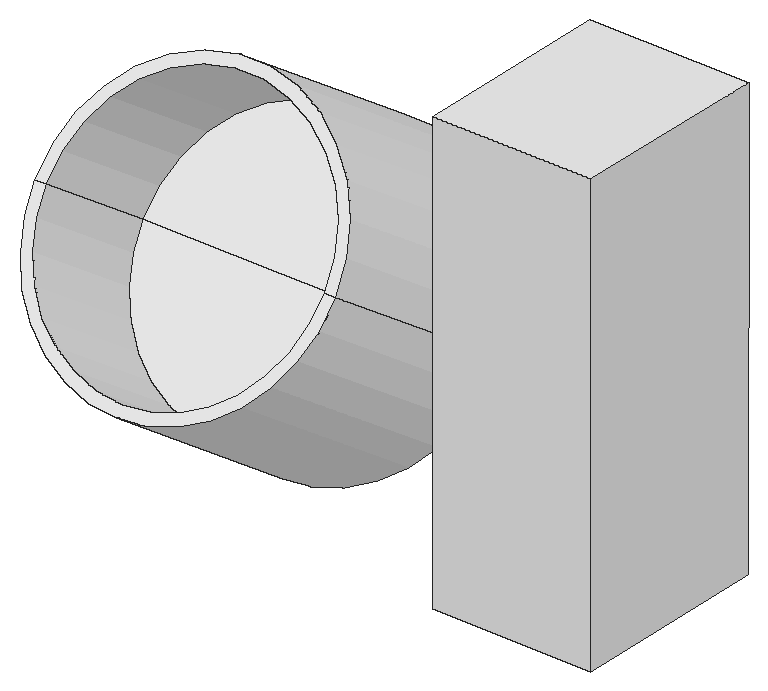
Revit family "Lighting-Accent-Amerlux-Cylindrix III Mini", category Lighting Fixtures, host Face, Revit 2014
Parameters
  Voltage = 0 V
  Rotation Angle [instance] = 35.00°
  Power Factor = 1
  Photometric Web File = ""
  Number of Poles = 1
  Material = Silver Finish
  Light Source Angle [instance] = Rotation Angle  # 35.00°
  Lamp = "LED"
  Input Wattage = ""
  Wattage = 26 W
  built-in parameter 1150110 = 1 (stored number, unit not read)
  URL = "http://www.amerlux.com"
  built-in parameter 1114217 = 1 (stored number, unit not read)
  Tilt Angle = 90.00°
  built-in parameter 1150109 = 1 (stored number, unit not read)
  built-in parameter 1150134 = 12
  built-in parameter 1150113 = 1 (stored number, unit not read)
  Model = "Cylindrix III Mini"
  Manufacturer = "Amerlux"
  built-in parameter 1150105 = 206.9 (stored number, unit not read)
  Lumens = 2600 lm
  built-in parameter 1150115 = 1 (stored number, unit not read)
  built-in parameter 1150137 = (empty or 0)
  built-in parameter 1150139 = (empty or 0)
  built-in parameter 1150112 = 1 (stored number, unit not read)
  built-in parameter 1150114 = 1 (stored number, unit not read)
  Keynote = ""
  built-in parameter 1150132 = (empty or 0)
  built-in parameter 1150102 = (empty or 0)
  built-in parameter 1150107 = 4000 (stored number, unit not read)
  built-in parameter 1150138 = (empty or 0)
  built-in parameter 1150106 = 2.069 (stored number, unit not read)
  Finish = ""
  Emit from Circle Diameter = 3 1/4"
  Emit Shape Visible in Rendering = yes
  built-in parameter 1150104 = 9.2903 (stored number, unit not read)
  Dimming Lamp Color Temperature Shift = (empty or 0)
  Description = "Track Lighting"
  Default Elevation = 48"
  Color Filter = 16777215
  built-in parameter 1114218 = 1 (stored number, unit not read)
  built-in parameter 1150133 = 10 (stored number, unit not read)
  Assembly Code = ""
  Apparent Load = 0 VA
Reference planes (in)
  plane 1 "Center (Front/Back)": y = 2.00423
  plane 2: z = 0
  plane 3 "Center (Left/Right)": x = 2.916
  plane 4: z = 5.5625
  plane 5: y = 3.00423
  plane 6: y = 1.00423
  plane 7: through (0, 3.00979, 3.84794) normal (0, 0.5736, 0.8192)
  plane 8: through (0, -1.77321, 2.57435) normal (0, -0.5736, -0.8192)
Forms (in)
  Extrusion 1, solid, material "Silver Finish"
    sketch origin (0, 2.00423, 0) x (-1, 0, 0) y (0, 0, 1)
      loop
        line (-2.916, 5.5625) -> (-4.916, 5.5625) -> (-4.916, 0) -> (-2.916, 0) -> (-2.916, 5.5625)
    from -1.253 to 1.22125
Dimensions and locks (in)
  equal spacing: plane 5, plane 1 "Center (Front/Back)", plane 6
  locked: Extrusion 1 sketch curve to Extrusion 1 sketch curve at 2
  locked: Extrusion 1 sketch curve to Extrusion 1 sketch curve at 5.5625
  Extrusion 1 to Extrusion 1 = 2"
  "Rotation Angle": angle level to nested 1
  "Light Source Angle": angle level to imposter light
  aligned and locked: plane 2 to host face
  aligned and locked: level to host face
  aligned: imposter light to plane 1 "Center (Front/Back)"
  aligned and locked: plane 4 to Extrusion 1 sketch curve
Automatic sketch dimensions
  host sketch curve to host sketch curve = 12.00498"
  host sketch curve to host sketch curve = 12.39607"
  plane 3 "Center (Left/Right)" to Extrusion 1 sketch curve = 0"
Nested families (in)
  nested 1: "Track Head" at (1.77159, 0.82308, 3.06775) x (0, -0.5736, -0.8192) z (-1, 0, 0), type "Track Head"
Connectors (in)
  electrical at (3.916, 1.98836, 0), driven by "Number of Poles", driven by "Voltage", driven by "Apparent Load", driven by "Power Factor"
    settings: on Extrusion 1, index 1, voltage 0 V, apparent load 0 VA, apparent load phase1 0 VA, apparent load phase2 0 VA, apparent load phase3 0 VA, power factor 1, load classification "Other", number of poles 1, system type 31, power factor state 1, is connector primary yes, connector utility no, sub classification motor no, connector description "Power"
Definition of nested family "Track Head"
  Parameters (values of type "Track Head")
    Width = 3 11/16"
    Material = Silver Finish
    Default Elevation = 48"
    Assembly Code = ""
  Reference planes (in)
    plane 1 "Center (Front/Back)": y = 0
    plane 2: z = 0
    plane 3 "Center (Left/Right)": x = 0
    plane 4: z = 0.81682
    plane 5: z = 0.81682
    plane 6: y = 1.84375
    plane 7: y = -1.84375
    plane 8: z = 3.25
  Forms (in)
    Extrusion 1, solid
      sketch origin (0, 0, 0) x (1, 0, 0) y (0, 1, 0)
        loop
          line (-48, 48) -> (-48, -48) -> (48, -48) -> (48, 48) -> (-48, 48)
      from 0 to -0.80444
    Revolve 2, solid, material "Silver Finish" <- "Material"
      sketch origin (0, 0, -1.8125) x (0, 1, 0) y (0, 0, 1)
        loop
          line (-1.34375, 4.52266) -> (-1.84375, 4.23398) -> (-1.84375, 2.62932) -> (1.84375, 2.62932) -> (1.84375, 4.52266) -> (-1.34375, 4.52266)
        axis (-1.84375, 2.62932) -> (1.84375, 2.62932)
      angle from 0 to 360
    Revolve 3, void
      sketch origin (0, 0, -1.8125) x (0, 1, 0) y (0, 0, 1)
        loop
          line (1.84375, 2.62932) -> (1.84375, 4.37932) -> (0, 4.37932) -> (0, 2.62932) -> (1.84375, 2.62932)
        axis (0, 2.62932) -> (1.84375, 2.62932)
      angle from 0 to 360
  Cuts and joins
    Revolve 3 cuts Revolve 2
  Dimensions and locks (in)
    equal spacing: plane 6, plane 1 "Center (Front/Back)", plane 7
    "Width": plane 6 to plane 7
    radius of cut or joined group of Revolve 2, Revolve 3 = 1.89334"
    aligned and locked: plane 2 to Extrusion 1
    aligned and locked: level to Extrusion 1
    aligned and locked: Revolve 2 sketch curve to plane 4
    aligned and locked: Revolve 3 sketch curve to plane 5
    aligned and locked: plane 7 to Revolve 2 sketch curve
    aligned and locked: Revolve 2 sketch curve to plane 6
    aligned and locked: cut or joined group of Revolve 2, Revolve 3 to cut or joined group of Revolve 2, Revolve 3
    aligned and locked: plane 1 "Center (Front/Back)" to cut or joined group of Revolve 2, Revolve 3
  Automatic sketch dimensions
    Extrusion 1 sketch curve to Extrusion 1 sketch curve = 96"  (x2)
    Revolve 3 sketch curve to plane 5 = 0"
    Revolve 3 sketch curve to plane 1 "Center (Front/Back)" = 0"
    plane 6 to Revolve 3 sketch curve = 0"
    Revolve 3 sketch curve to Revolve 3 sketch curve = 1 3/4"
    plane 7 to Revolve 3 sketch curve = 0.4751"
    Revolve 3 sketch curve to plane 6 = 1.36838"
    Revolve 2 sketch curve to plane 4 = 0"
    Revolve 2 sketch curve to Revolve 2 sketch curve = 1.89334"
    plane 7 to Revolve 2 sketch curve = 5.73878"
    Revolve 2 sketch curve to plane 6 = 7.02134"
    Revolve 2 sketch curve to Revolve 2 sketch curve = 0.28868"
    Revolve 2 sketch curve to plane 7 = 1/2"
